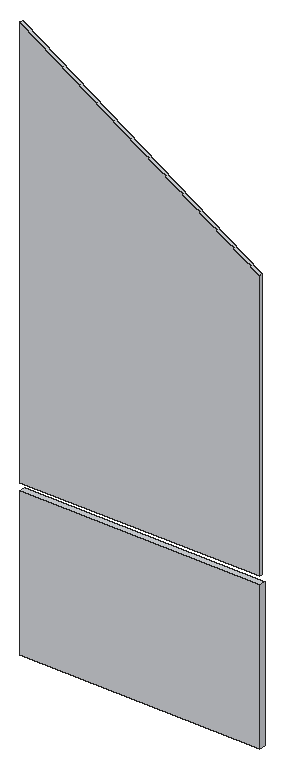
Revit family "EXP_WT-1A_CPan-017", category Curtain Panels, Revit 2021
Family settings
  OmniClass Number = 23.25.20.14.11.11.17
  OmniClass Title = Infill Panels
  Always vertical = Yes
  Cut with Voids When Loaded = No
  Shared = No
Parameters (values of type "H2 = 4' 10"")
  UI-UnitNumber [instance] = "001"
  UI-Quadrant [instance] = "SE"
  UI-ProjectAbbreviation = "NEU"
  UI-ItemCategory = "PID"
  UI-FloorNumber [instance] = "03"
  PNT-WallType = "WT1A"
  PNT-ProjectAbbreviation = "NEU"
  PNT-PanelType [instance] = "01"
  PNT-ItemCategory = "PNL"
  HSX [instance] = HModSX - CellH  # 12' - 0"
  HModSX [instance] = 13' - 6"
  HModDX [instance] = 18' - 1"
  HDX [instance] = HModDX - CellH  # 16' - 7"
  GlassSPH2(x2) [instance] = 0' - 2 3/16"
  GlassSPH1 [instance] = 0' - 1 1/8"
  GlassH2 [instance] = none
  GlassH1 [instance] = none
  Define Thermal Properties by = Schematic Type
  CellSxH1 [instance] = 8' - 8"
  CellSxH [instance] = HSX + CellH  # 13' - 6"
  CellSp = 0' - 10 3/16"
  CellL [instance] = 7' - 8"
  CellH2 = 4' - 10"
  CellH [instance] = 1' - 6"
  CellDxH1 [instance] = 13' - 3"
  CellDxH [instance] = HDX + CellH  # 18' - 1"
  AncleTrapezoid [instance] = 120.872°
  Analytic Construction = "<None>"
Types (2): name | CellSxH1 | CellH2 | CellDxH1
  H2 = 4' 10" | 8' - 8" | 4' - 10" | 13' - 3"
  H2 = 9' 8" | 3' - 10" | 9' - 8" | 8' - 5"
Reference planes (in)
  plane 1 "Center (Front/Back)": y = 0
  plane 2: z = 0
  plane 3 "Center (Left/Right)": x = 0
  plane 4 "Left": x = -46
  plane 5 "Right": x = 46
  plane 6 "Top": z = 18
  plane 7: y = -10.1875
  plane 8: z = 162
  plane 9: z = 217
  plane 10: z = 58
Forms (in)
  Extrusion 1, solid, material <- "GlassH1", detail levels coarse+medium
    sketch origin (0, 0, 0) x (1, 0, 0) y (0, 0, 1)
      loop
        line (46, 162) -> (-46, 217) -> (-46, 58) -> (46, 58) -> (46, 162)
    from 0 to 10.1875
  Extrusion 2, solid, material <- "GlassH2", detail levels coarse+medium
    sketch origin (0, 0, 0) x (1, 0, 0) y (0, 1, 0)
      loop
        line (-46, -10.1875) -> (46, -10.1875) -> (46, 0) -> (-46, 0) -> (-46, -10.1875)
    from 0 to 58
Lines and regions (in)
  reference lines
    curve 1: line (46, 0, 162) -> (-46, 0, 217)
Text (in)
  text "Exterior" at (-92.59733, 55.75508, 0), in view "Ref. Level"
  text "Exterior" at (0, 90.18664, 173.49264), in view "Left"
  text "Exterior" at (0, 52.29083, 162.21847), in view "Right"
Dimensions and locks (in)
  equal spacing: plane 4 "Left", plane 3 "Center (Left/Right)", plane 5 "Right"  (x2)
  "CellL": plane 4 "Left" to plane 5 "Right"
  "CellSp": plane 7 to plane 1 "Center (Front/Back)"
  "CellH": plane 2 to plane 6 "Top"
  "HSX": plane 6 "Top" to plane 8
  "HDX": plane 6 "Top" to plane 9
  "CellH2": plane 2 to plane 10
  "CellSxH1": plane 10 to plane 8
  "CellDxH1": plane 10 to plane 9
  "AncleTrapezoid": angle plane 5 "Right" to curve 1
  aligned and locked: level to plane 2
  aligned and locked: plane 5 "Right" to Extrusion 1 sketch curve
  aligned and locked: Extrusion 1 sketch curve to plane 4 "Left"
  aligned and locked: Extrusion 1 to plane 7
  aligned and locked: plane 10 to Extrusion 1 sketch curve
  aligned and locked: Extrusion 2 sketch curve to plane 7
  aligned and locked: plane 4 "Left" to Extrusion 2 sketch curve
  aligned and locked: Extrusion 2 sketch curve to plane 1 "Center (Front/Back)"
  aligned and locked: Extrusion 2 sketch curve to plane 5 "Right"
  aligned and locked: plane 10 to Extrusion 2
  aligned and locked: Extrusion 2 to plane 2
  aligned and locked: plane 7 to nested 1
  aligned and locked: plane 10 to nested 1
  aligned and locked: plane 2 to nested 1
  aligned and locked: nested 1 to plane 4 "Left"
  aligned and locked: nested 1 to plane 5 "Right"
  aligned and locked: plane 7 to nested 2
  aligned and locked: plane 10 to nested 2
  aligned and locked: nested 2 to plane 9
  aligned and locked: nested 2 to plane 8
  aligned and locked: nested 2 to plane 5 "Right"
  aligned and locked: nested 2 to plane 4 "Left"
Automatic sketch dimensions
  Extrusion 1 sketch curve to plane 8 = 0' - 0"
  Extrusion 1 sketch curve to plane 9 = 0' - 0"
  curve 1 to plane 4 "Left" = 0' - 0"
  curve 1 to plane 8 = 0' - 0"
Nested families (in)
  nested 1: "EXP_WT-1x_IG-001" at (0, -10.1875, 29) x (-1, 0, 0) z (0, 0, 1), MaterialGlass <- "GlassH2", GlassSP <- "GlassSPH2(x2)", type "GlassSP = H", detail levels fine
    with MaterialGlass none, GlassSP 0' - 2 3/16", GlassL 7' - 6.12549", GlassH 4' - 7.12598", CellL 7' - 8", CellH 4' - 10"
  nested 2: "EXP_WT-1x_IG-002" at (0, -10.1875, 137.5) x (-1, 0, 0) z (0, 0, 1), MaterialGlass <- "GlassH1", GlassSP <- "GlassSPH1", type "EXP_WT-1x_IG-002", detail levels fine
    with MaterialGlass none, GlassSP 0' - 1 1/8", GlassL 7' - 6 1/8", CellSxH 8' - 8", CellL 7' - 8", CellH 13' - 3", CellDxH 13' - 3", GlassHSX 8' - 5.44817", GlassHDX 12' - 11.32725", GlassAngleB 59.1279°, GlassAngleA 120.872°
Definition of nested family "EXP_WT-1x_IG-001"
  Parameters (values of type "H2 _ GlassSP = 1 1/4"")
    MaterialGlass [instance] = none
    GlassSP [instance] = 0' - 1 1/4"
    GlassL [instance] = CellL - (GlassD1 + GlassD3)  # 3' - 10.94439"
    GlassH [instance] = CellH - (GlassD2 + GlassD4)  # 6' - 6.64788"
    GlassD4 = 0' - 1.43701"
    GlassD3 = 0' - 0.93701"
    GlassD2 = 0' - 0 1/2"
    GlassD1 = 0' - 0 15/16"
    GMPI-ProjectAbbreviation = "NEU"
    GMPI-IteamCategory = "GLS"
    Default Elevation = 0' - 0"
    CellL [instance] = 4' - 0.8189"
    CellH [instance] = 6' - 8.58489"
  Types (12): name | GlassSP | GlassL | GlassH | GlassD4 | GlassD2 | GlassD1
    H2(x2) _ GlassSP = 2 1/8" | 0' - 2.12598" | 3' - 10.94488" | 6' - 6.64788" | 0' - 1.43701" | 0' - 0 1/2" | 0' - 0.93701"
    H1 _ GlassSP = 1 1/4" | 0' - 1 1/4" | 3' - 10.94439" | 6' - 6.89739" | 0' - 0 1/4" | 0' - 1 7/16" | 0' - 0 15/16"
    H2(x3) _ GlassSP = 2 1/8" | 0' - 2.12598" | 3' - 10.94488" | 6' - 7.83489" | 0' - 0 1/4" | 0' - 0 1/2" | 0' - 0.93701"
    H3 _ GlassSP = 1 1/4" | 0' - 1 1/4" | 3' - 10.94439" | 6' - 6.64788" | 0' - 1.43701" | 0' - 0 1/2" | 0' - 0 15/16"
    H _ GlassSP = 2 1/8" | 0' - 2.12598" | 3' - 10.94488" | 6' - 5.71088" | 0' - 1.43701" | 0' - 1.43701" | 0' - 0.93701"
    H _ GlassSP = 1 1/4" | 0' - 1 1/4" | 3' - 10.94439" | 6' - 5.71088" | 0' - 1.43701" | 0' - 1.43701" | 0' - 0 15/16"
    H2 _ GlassSP = 1 1/4" | 0' - 1 1/4" | 3' - 10.94439" | 6' - 6.64788" | 0' - 1.43701" | 0' - 0 1/2" | 0' - 0 15/16"
    GlassSP = H | 0' - 1 1/4" | 3' - 10.94439" | 6' - 5.71088" | 0' - 1.43701" | 0' - 1.43701" | 0' - 0 15/16"
    GlassSP = H3 | 0' - 1 1/4" | 3' - 10.94439" | 6' - 6.64788" | 0' - 1.43701" | 0' - 0 1/2" | 0' - 0 15/16"
    GlassSP = H2(x3) | 0' - 2.12598" | 3' - 10.94488" | 6' - 7.83489" | 0' - 0 1/4" | 0' - 0 1/2" | 0' - 0.93701"
    GlassSP = H2(x2) | 0' - 2.12598" | 3' - 10.94488" | 6' - 6.64788" | 0' - 1.43701" | 0' - 0 1/2" | 0' - 0.93701"
    GlassSP = H1 | 0' - 1 1/4" | 3' - 10.94439" | 6' - 6.89739" | 0' - 0 1/4" | 0' - 1 7/16" | 0' - 0 15/16"
  Reference planes (in)
    plane 1 "Center (Front/Back)": y = 0
    plane 2: z = 0
    plane 3 "Center (Left/Right)": x = 0
    plane 4: x = -24.40945
    plane 5: x = 24.40945
    plane 6: z = 40.29245
    plane 7: x = -23.47195
    plane 8: x = 23.47244
    plane 9: z = -40.29245
    plane 10: z = 39.79245
    plane 11: z = -38.85544
  Forms (in)
    Extrusion 1, solid, material <- "MaterialGlass"
      sketch origin (0, 0, 0) x (1, 0, 0) y (0, 0, 1)
        loop
          line (-23.47195, -38.85544) -> (23.47244, -38.85544) -> (23.47244, 39.79245) -> (-23.47195, 39.79245) -> (-23.47195, -38.85544)
      from 0 to 1.25 <- "GlassSP"
  Dimensions and locks (in)
    equal spacing: plane 6, level, plane 9
    "CellH": plane 6 to plane 9
    "GlassD2": plane 6 to plane 10
    "GlassD4": plane 11 to plane 9
    equal spacing: plane 4, plane 3 "Center (Left/Right)", plane 5
    "CellL": plane 4 to plane 5
    "GlassD1": plane 4 to plane 7
    "GlassD3": plane 5 to plane 8
    aligned and locked: level to plane 2
    aligned and locked: Extrusion 1 sketch curve to plane 11
    aligned and locked: Extrusion 1 sketch curve to plane 7
    aligned and locked: plane 10 to Extrusion 1 sketch curve
    aligned and locked: plane 8 to Extrusion 1 sketch curve
Definition of nested family "EXP_WT-1x_IG-002"
  Parameters (values of type "EXP_WT-1x_IG-002")
    MaterialGlass [instance] = none
    GlassSP [instance] = 0' - 1 1/4"
    GlassL [instance] = CellL - (GlassD1 + GlassD3)  # 4' - 2.0935"
    GlassHSX [instance] = 5' - 6.85315"
    GlassHDX [instance] = 6' - 5.47904"
    GlassD4 = 0' - 1 7/16"
    GlassD3 = 0' - 0 15/16"
    GlassD2 = 0' - 1 7/16"
    GlassD1 = 0' - 0 15/16"
    GlassAngleB [instance] = 78.0239°
    GlassAngleA [instance] = 101.976°
    GMPI-ProjectAbbreviation = "NEU"
    GMPI-IteamCategory = "GLS"
    DistanceFacade = 0' - 4.72441"
    Default Elevation = 0' - 0"
    CellSxH [instance] = 5' - 9.56127"
    CellL [instance] = 4' - 3.9685"
    CellH [instance] = 6' - 8.58489"
    CellDxH [instance] = CellH  # 6' - 8.58489"
  Reference planes (in)
    plane 1 "Center (Front/Back)": y = 0
    plane 2: z = 0
    plane 3 "Center (Left/Right)": x = 0
    plane 4: x = -25.98425
    plane 5: x = 25.98425
    plane 6: z = 40.29245
    plane 7: x = -25.04675
    plane 8: x = 25.04675
    plane 9: z = -40.29245
    plane 10: z = -38.85495
    plane 11: z = 29.26882
  Forms (in)
    Extrusion 1, solid, material <- "MaterialGlass"
      sketch origin (0, 0, 0) x (1, 0, 0) y (0, 0, 1)
        loop
          line (-25.04675, 27.9982) -> (-25.04675, -38.85495) -> (25.04675, -38.85495) -> (25.04675, 38.6241) -> (-25.04675, 27.9982)
      from 0 to 1.25 <- "GlassSP"
  Lines and regions (in)
    reference lines
      curve 1: line (-25.98425, 0, 29.26882) -> (25.98425, 0, 40.29245)
      curve 2: line (-25.98425, 0, 27.79934) -> (25.98425, 0, 38.82296)
  Dimensions and locks (in)
    equal spacing: plane 6, level, plane 9
    "CellH": plane 6 to plane 9
    equal spacing: plane 4, plane 3 "Center (Left/Right)", plane 5
    "CellL": plane 4 to plane 5
    "GlassD1": plane 4 to plane 7
    "GlassD3": plane 5 to plane 8
    "GlassD2": curve 2 to curve 1
    "GlassD4": plane 10 to plane 9
    "CellSxH": plane 11 to plane 9
    "GlassHDX": Extrusion 1 to plane 10
    "GlassHSX": Extrusion 1 to plane 10
    "GlassAngleA": angle Extrusion 1 to Extrusion 1
    "GlassAngleB": angle Extrusion 1 to Extrusion 1
    aligned and locked: level to plane 2
    aligned and locked: plane 4 to curve 2
    aligned and locked: plane 5 to curve 2
    aligned and locked: Extrusion 1 sketch curve to plane 7
    aligned and locked: curve 2 to Extrusion 1 sketch curve
    aligned and locked: Extrusion 1 sketch curve to plane 8
    aligned and locked: Extrusion 1 sketch curve to plane 10
  Automatic sketch dimensions
    plane 4 to curve 1 = 0' - 0"
    plane 5 to curve 1 = 0' - 0"
    curve 1 to plane 11 = 0' - 0"
    curve 1 to plane 6 = 0' - 0"
